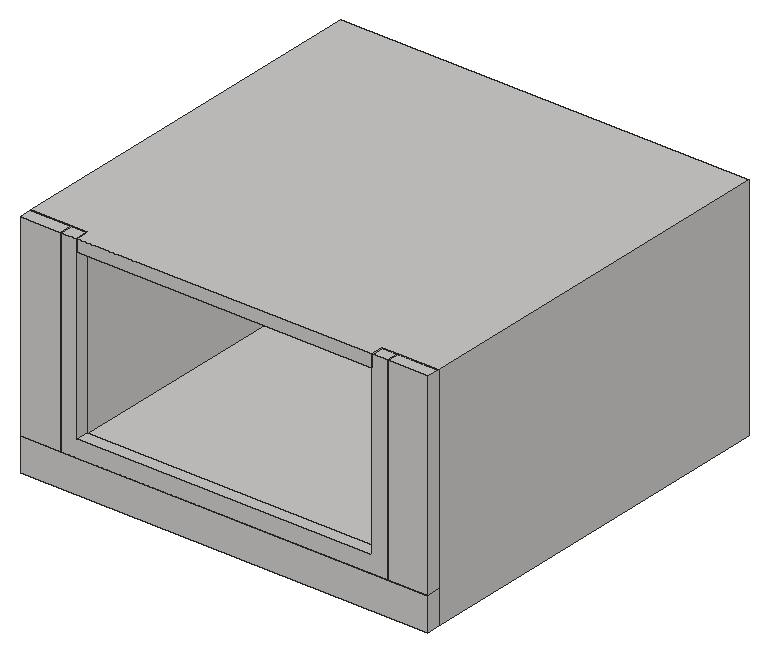
Revit family "QF_ELECTROLUXPROFESSIONAL_588643_MB1NCAHOOO", category Attrezzature speciali, Revit 2020
Family settings
  Quota connettore circolare = Usa diametro
  Tipo di parte = Normale
  Basato su piano di lavoro = No
  Sempre verticale = Sì
  Taglio con vuoti quando caricato = No
  Condiviso = No
  Punto di calcolo locali = No
Parameters (values of type "Standard")
  Weight = 21.00 kg
  Watts = 0 W
  Volts = 0 V
  URL Manufacturer = "https://www.electroluxprofessional.com/"
  URL = "https://www.electroluxprofessional.com/"
  Steam Supply Size = 0"
  Steam Supply Minimum Pressure = 0.00 psi
  Steam Supply Maximum Pressure = 0.00 psi
  Steam Consumption per Hour = 0
  Refrigeration Suction Line Size = 0 mm
  Refrigeration Liquid Line Size = 0 mm
  Refrigerant Compressor Remote = yes
  Prospetto di default = 0 mm
  Phase = 0
  Modello = "MB1NCAHOOO"
  Produttore = "Electrolux Professional"
  Length Actual = 800 mm  # constant formula
  Item Number = "588643"
  Hot Water Size = 0"
  Height Actual = 450 mm  # constant formula
  HP = "0 HP"
  Gas Size = 0"
  Gas KW = 0
  Gas Input Pressure = 0.0 Btu/h
  Direct Waste Size = 0"
  Descrizione = "OPEN BASE,GN,1-SIDE,800X850X450H"
  Depth Actual = 850 mm  # constant formula
  Cycle = 0 Hz
  Condensate Return Size = 0"
  Compressed Air Volume = 0 GPM
  Compressed Air Size = 0"
  Compressed Air Pressure = 0.00 psi
  Cold Water Size = 0"
  Accessory = yes
Reference planes
  plane 1 "BACK": y = 0
  plane 2: z = 0
  plane 3 "LEFT": x = 0
  plane 4 "RIGHT": x = 800
  plane 5 "FRONT": y = -850
  plane 6 "PLAIN": z = 900
  plane 7 "Center (Left/Right)": x = 400
  plane 8 "Center (Front/Back)": y = -425
  plane 9 "TOP": z = 650
  plane 10 "BASE": z = 200
  plane 11: x = 722
  plane 12: x = 78
  plane 13 "Feet_back": y = -150
  plane 14 "Feet_Front": y = -720
  plane 15: x = 80
  plane 16: x = 720
  plane 17: z = 265
  plane 18: y = -45
  plane 19: y = -805
  plane 20: y = -70
  plane 21: y = -830
  plane 22 "ButtonZ": z = 590
Forms (mm)
  Extrusion 1, solid, material "QF_Finishes_Stainless Steel"
    sketch origin (0, 0, 650) x (0, 1, 0) y (0, 0, 1)
      loop
        line (-45, -450) -> (-45, 0) -> (-805, 0) -> (-805, -450) -> (-45, -450)
    from 0 to 800
  Extrusion 2, solid, material "QF_Finishes_Stainless Steel"
    sketch origin (0, 0, 650) x (0, 1, 0) y (0, 0, 1)
      loop
        line (-830, -450) -> (-805, -450) -> (-805, -385) -> (-830, -385) -> (-830, -450)
    from 0 to 800
  Extrusion 3, void
    sketch origin (0, -850, 0) x (1, 0, 0) y (0, 0, 1)
      loop
        line (80, 650) -> (80, 265) -> (720, 265) -> (720, 650) -> (80, 650)
    from 0 to -780
  Extrusion 4, solid, material "QF_Finishes_Stainless Steel"
    sketch origin (0, -850, 0) x (1, 0, 0) y (0, 0, 1)
      loop
        line (110, 650) -> (110, 627) -> (690, 627) -> (690, 650) -> (110, 650)
    from -20 to -805
  Extrusion 5, solid, material "QF_Finishes_Stainless Steel"
    sketch origin (0, -850, 0) x (1, 0, 0) y (0, 0, 1)
      loop
        line (80, 650) -> (80, 265) -> (720, 265) -> (720, 650) -> (690, 650) -> (690, 295) -> (110, 295) -> (110, 650) -> (80, 650)
    from -45 to -780
  Extrusion 6, solid, material "QF_Finishes_Stainless Steel"
    sketch origin (0, -850, 0) x (1, 0, 0) y (0, 0, 1)
      loop
        line (0, 650) -> (0, 265) -> (80, 265) -> (80, 650) -> (0, 650)
    from -20 to -45
  Extrusion 7, solid, material "QF_Finishes_Stainless Steel"
    sketch origin (0, -850, 0) x (1, 0, 0) y (0, 0, 1)
      loop
        line (720, 650) -> (720, 265) -> (800, 265) -> (800, 650) -> (720, 650)
    from -20 to -45
  Extrusion 8, solid, material "QF_Finishes_Stainless Steel"
    sketch origin (85, -850, 0) x (1, 0, 0) y (0, 0, 1)
      loop
        line (-5, 650) -> (-5, 265) -> (635, 265) -> (635, 650) -> (605, 650) -> (605, 297) -> (25, 297) -> (25, 650) -> (-5, 650)
    from -20 to -45
Cuts and joins
  Extrusion 3 cuts Extrusion 1
  joined: Extrusion 1, Extrusion 4, Extrusion 5
Lines and regions (mm)
  symbolic lines, style "SpecialityEquipmentHiddenLines"
    curve 1: line (0, 0, 0) -> (800, 0, 0)
    curve 2: line (0, -850, 0) -> (0, 0, 0)
    curve 3: line (800, -850, 0) -> (0, -850, 0)
    curve 4: line (800, 0, 0) -> (800, -850, 0)
Dimensions and locks
  plane 3 "LEFT" to plane 4 "RIGHT" = 800 mm
  plane 5 "FRONT" to plane 1 "BACK" = 850 mm
  equal spacing: plane 3 "LEFT", plane 7 "Center (Left/Right)", plane 4 "RIGHT"
  equal spacing: plane 5 "FRONT", plane 8 "Center (Front/Back)", plane 1 "BACK"
  plane 6 "PLAIN" to plane 9 "TOP" = 250 mm
  plane 10 "BASE" to level = 200 mm
  plane 9 "TOP" to plane 10 "BASE" = 450 mm
  locked: plane 1 "BACK" to plane 13 "Feet_back" at 150
  locked: plane 14 "Feet_Front" to plane 5 "FRONT" at 130
  locked: plane 12 to plane 3 "LEFT" at 78
  locked: plane 11 to plane 4 "RIGHT" at 78
  plane 16 to plane 15 = 640 mm
  equal spacing: plane 16, plane 7 "Center (Left/Right)", plane 15
  locked: plane 17 to plane 10 "BASE" at 65
  locked: plane 1 "BACK" to plane 18 at 45
  plane 9 "TOP" to Extrusion 4 sketch curve = 23 mm
  locked: Extrusion 4 sketch curve to plane 15 at 30
  locked: plane 16 to Extrusion 4 sketch curve at 30
  locked: Extrusion 5 sketch curve to plane 17 at 30
  plane 6 "PLAIN" to level = 900 mm
  Extrusion 5 to Extrusion 5 = 580 mm
  locked: plane 18 to plane 20 at 25
  locked: plane 21 to plane 5 "FRONT" at 20
  locked: plane 19 to plane 21 at 25
  plane 18 to plane 21 = 785 mm
  plane 22 "ButtonZ" to level = 590 mm
  aligned and locked: level to plane 2
  aligned and locked: Extrusion 1 to plane 4 "RIGHT"
  aligned and locked: Extrusion 1 to plane 3 "LEFT"
  aligned and locked: Extrusion 2 to plane 4 "RIGHT"
  aligned and locked: plane 9 "TOP" to Extrusion 3 sketch curve
  aligned and locked: Extrusion 3 sketch curve to plane 15
  aligned and locked: plane 16 to Extrusion 3 sketch curve
  aligned and locked: Extrusion 2 to plane 10 "BASE"
  aligned and locked: Extrusion 2 to plane 17
  aligned and locked: plane 17 to Extrusion 3 sketch curve
  aligned and locked: Extrusion 4 to plane 18
  aligned and locked: Extrusion 5 sketch curve to plane 15
  aligned and locked: plane 16 to Extrusion 5 sketch curve
  aligned and locked: plane 9 "TOP" to Extrusion 5 sketch curve  (x2)
  aligned and locked: plane 17 to Extrusion 5 sketch curve
  aligned and locked: Extrusion 5 sketch curve to Extrusion 4  (x2)
  aligned and locked: Extrusion 6 sketch curve to plane 9 "TOP"
  aligned and locked: plane 3 "LEFT" to Extrusion 6 sketch curve
  aligned and locked: Extrusion 6 sketch curve to plane 17
  aligned and locked: Extrusion 6 sketch curve to plane 15
  aligned and locked: Extrusion 7 sketch curve to plane 9 "TOP"
  aligned and locked: plane 16 to Extrusion 7 sketch curve
  aligned and locked: Extrusion 7 sketch curve to plane 17
  aligned and locked: plane 4 "RIGHT" to Extrusion 7 sketch curve
  aligned and locked: Extrusion 5 to plane 20
  aligned and locked: cut or joined group of Extrusion 1, Extrusion 3, Extrusion 4, Extrusion 5 to plane 20
  aligned and locked: cut or joined group of Extrusion 1, Extrusion 3, Extrusion 4, Extrusion 5 to plane 18
  aligned and locked: Extrusion 6 to plane 19
  aligned and locked: plane 21 to Extrusion 6
  aligned and locked: plane 21 to Extrusion 7
  aligned and locked: Extrusion 7 to plane 19
  aligned and locked: Extrusion 2 to plane 19
  aligned and locked: plane 21 to Extrusion 2
  aligned and locked: plane 19 to cut or joined group of Extrusion 1, Extrusion 3, Extrusion 4, Extrusion 5
  aligned and locked: Extrusion 8 sketch curve to plane 16
  aligned and locked: plane 15 to Extrusion 8 sketch curve
  aligned and locked: Extrusion 8 sketch curve to plane 17
  aligned and locked: plane 21 to cut or joined group of Extrusion 1, Extrusion 3, Extrusion 4, Extrusion 5
Automatic sketch dimensions
  curve 3 to plane 3 "LEFT" = 0 mm
  curve 3 to plane 4 "RIGHT" = 0 mm
  plane 5 "FRONT" to curve 3 = 0 mm
  plane 1 "BACK" to curve 2 = 0 mm
  Extrusion 1 sketch curve to plane 10 "BASE" = 0 mm
  plane 19 to Extrusion 1 sketch curve = 0 mm
  Extrusion 1 sketch curve to plane 18 = 0 mm
  Extrusion 1 sketch curve to plane 9 "TOP" = 0 mm
  plane 17 to Extrusion 2 sketch curve = 0 mm
  Extrusion 2 sketch curve to plane 21 = 0 mm
  Extrusion 2 sketch curve to plane 10 "BASE" = 0 mm
  Extrusion 2 sketch curve to plane 19 = 0 mm
  Extrusion 4 sketch curve to plane 9 "TOP" = 0 mm
  Extrusion 8 sketch curve to plane 9 "TOP" = 0 mm  (x2)
  plane 15 to Extrusion 8 sketch curve = 30 mm
  Extrusion 8 sketch curve to plane 16 = 30 mm
  Extrusion 8 sketch curve to plane 17 = 32 mm
